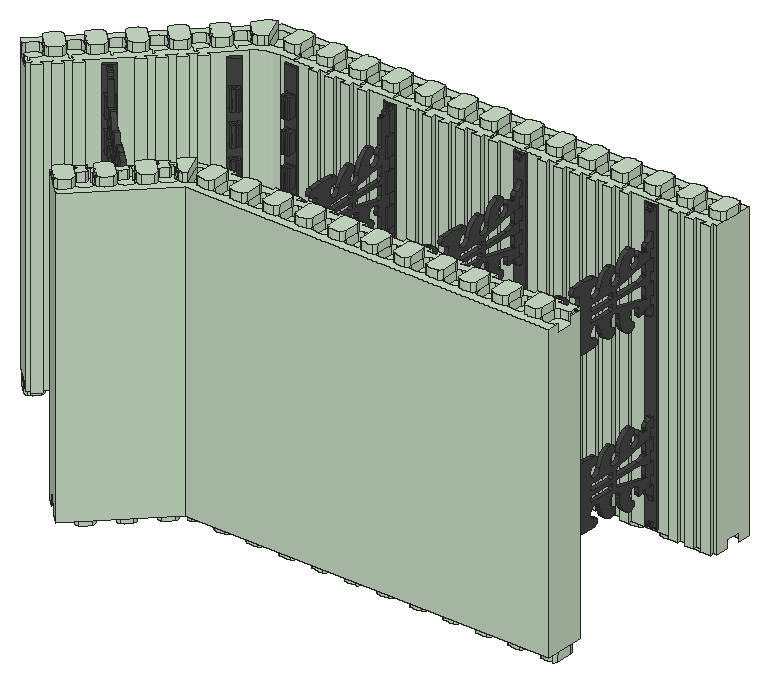
Revit family "ICF- NUDURA 10-inch- 45 Degree Form Unit- Imperial", category Generic Models, Revit 2010 (continued)
Forms (in)
  Extrusion 47, void
    sketch origin (15.17157, -1.98846, 0) x (-0.707107, -0.707107, 0) y (0.707107, -0.707107, 0)
      loop
        arc (-1.99833, 7.23335) -> (-1.97244, 7.18765) -> (-1.99053, 7.13835) r 0.0625
        line (-1.99053, 7.13835) -> (-2.14723, 6.98165) -> (-2.02643, 6.86086) -> (-1.78171, 7.10558)
        arc (-1.78171, 7.10558) -> (-1.76253, 7.11866) -> (-1.7399, 7.12384) r 0.0625
        arc (-1.7399, 7.12384) -> (-1.64938, 7.14456) -> (-1.57267, 7.19688) r 0.25
        line (-1.57267, 7.19688) -> (-0.92131, 7.84824)
        arc (-0.92131, 7.84824) -> (-0.85114, 7.98608) -> (-0.87549, 8.13883) r 0.25
        arc (-0.87549, 8.13883) -> (-1.07021, 8.40645) -> (-1.33783, 8.60117) r 1.0625
    from 0 to 0.5
  Extrusion 48, void
    sketch origin (17.17157, -1.98846, 0) x (-0.707107, -0.707107, 0) y (0.707107, -0.707107, 0)
      loop
        arc (-1.33783, 8.60117) -> (-1.49058, 8.62552) -> (-1.62842, 8.55535) r 0.25
        line (-1.62842, 8.55535) -> (-2.27978, 7.90399)
        arc (-2.27978, 7.90399) -> (-2.34995, 7.76615) -> (-2.32559, 7.6134) r 0.25
        arc (-2.32559, 7.6134) -> (-2.18471, 7.40379) -> (-1.99833, 7.23335) r 1.0625
        arc (-1.99833, 7.23335) -> (-1.97244, 7.18765) -> (-1.99053, 7.13835) r 0.0625
        line (-1.99053, 7.13835) -> (-2.14723, 6.98165) -> (-2.02643, 6.86086) -> (-1.78171, 7.10558)
        arc (-1.78171, 7.10558) -> (-1.76253, 7.11866) -> (-1.7399, 7.12384) r 0.0625
        arc (-1.7399, 7.12384) -> (-1.64938, 7.14456) -> (-1.57267, 7.19688) r 0.25
        line (-1.57267, 7.19688) -> (-0.92131, 7.84824)
        arc (-0.92131, 7.84824) -> (-0.85114, 7.98608) -> (-0.87549, 8.13883) r 0.25
        arc (-0.87549, 8.13883) -> (-1.07021, 8.40645) -> (-1.33783, 8.60117) r 1.0625
    from 0 to 0.5
  Extrusion 49, void
    sketch origin (29.57359, 2, 0) x (0.707107, 0.707107, 0) y (-0.707107, 0.707107, 0)
      loop
        arc (-1.33783, 8.60117) -> (-1.49058, 8.62552) -> (-1.62842, 8.55535) r 0.25
        line (-1.62842, 8.55535) -> (-2.27978, 7.90399)
        arc (-2.27978, 7.90399) -> (-2.34995, 7.76615) -> (-2.32559, 7.6134) r 0.25
        arc (-2.32559, 7.6134) -> (-2.18471, 7.40379) -> (-1.99833, 7.23335) r 1.0625
        arc (-1.99833, 7.23335) -> (-1.97244, 7.18765) -> (-1.99053, 7.13835) r 0.0625
        line (-1.99053, 7.13835) -> (-2.14723, 6.98165) -> (-2.02643, 6.86086) -> (-1.78171, 7.10558)
        arc (-1.78171, 7.10558) -> (-1.76253, 7.11866) -> (-1.7399, 7.12384) r 0.0625
        arc (-1.7399, 7.12384) -> (-1.64938, 7.14456) -> (-1.57267, 7.19688) r 0.25
        line (-1.57267, 7.19688) -> (-0.92131, 7.84824)
        arc (-0.92131, 7.84824) -> (-0.85114, 7.98608) -> (-0.87549, 8.13883) r 0.25
        arc (-0.87549, 8.13883) -> (-1.07021, 8.40645) -> (-1.33783, 8.60117) r 1.0625
    from 0 to 0.5
  Extrusion 50, void
    sketch origin (27.57359, 2, 0) x (0.707107, 0.707107, 0) y (-0.707107, 0.707107, 0)
      loop
        arc (-1.33783, 8.60117) -> (-1.49058, 8.62552) -> (-1.62842, 8.55535) r 0.25
        line (-1.62842, 8.55535) -> (-2.27978, 7.90399)
        arc (-2.27978, 7.90399) -> (-2.34995, 7.76615) -> (-2.32559, 7.6134) r 0.25
        arc (-2.32559, 7.6134) -> (-2.18471, 7.40379) -> (-1.99833, 7.23335) r 1.0625
        arc (-1.99833, 7.23335) -> (-1.97244, 7.18765) -> (-1.99053, 7.13835) r 0.0625
        line (-1.99053, 7.13835) -> (-2.14723, 6.98165) -> (-2.02643, 6.86086) -> (-1.78171, 7.10558)
        arc (-1.78171, 7.10558) -> (-1.76253, 7.11866) -> (-1.7399, 7.12384) r 0.0625
        arc (-1.7399, 7.12384) -> (-1.64938, 7.14456) -> (-1.57267, 7.19688) r 0.25
        line (-1.57267, 7.19688) -> (-0.92131, 7.84824)
        arc (-0.92131, 7.84824) -> (-0.85114, 7.98608) -> (-0.87549, 8.13883) r 0.25
        arc (-0.87549, 8.13883) -> (-1.07021, 8.40645) -> (-1.33783, 8.60117) r 1.0625
    from 0 to 0.5
  Extrusion 51, void
    sketch origin (25.57359, 2, 0) x (0.707107, 0.707107, 0) y (-0.707107, 0.707107, 0)
      loop
        arc (-1.33783, 8.60117) -> (-1.49058, 8.62552) -> (-1.62842, 8.55535) r 0.25
        line (-1.62842, 8.55535) -> (-2.27978, 7.90399)
        arc (-2.27978, 7.90399) -> (-2.34995, 7.76615) -> (-2.32559, 7.6134) r 0.25
        arc (-2.32559, 7.6134) -> (-2.18471, 7.40379) -> (-1.99833, 7.23335) r 1.0625
        arc (-1.99833, 7.23335) -> (-1.97244, 7.18765) -> (-1.99053, 7.13835) r 0.0625
        line (-1.99053, 7.13835) -> (-2.14723, 6.98165) -> (-2.02643, 6.86086) -> (-1.78171, 7.10558)
        arc (-1.78171, 7.10558) -> (-1.76253, 7.11866) -> (-1.7399, 7.12384) r 0.0625
        arc (-1.7399, 7.12384) -> (-1.64938, 7.14456) -> (-1.57267, 7.19688) r 0.25
        line (-1.57267, 7.19688) -> (-0.92131, 7.84824)
        arc (-0.92131, 7.84824) -> (-0.85114, 7.98608) -> (-0.87549, 8.13883) r 0.25
        arc (-0.87549, 8.13883) -> (-1.07021, 8.40645) -> (-1.33783, 8.60117) r 1.0625
    from 0 to 0.5
  Extrusion 52, void
    sketch origin (23.57359, 2, 0) x (0.707107, 0.707107, 0) y (-0.707107, 0.707107, 0)
      loop
        arc (-1.33783, 8.60117) -> (-1.49058, 8.62552) -> (-1.62842, 8.55535) r 0.25
        line (-1.62842, 8.55535) -> (-2.27978, 7.90399)
        arc (-2.27978, 7.90399) -> (-2.34995, 7.76615) -> (-2.32559, 7.6134) r 0.25
        arc (-2.32559, 7.6134) -> (-2.18471, 7.40379) -> (-1.99833, 7.23335) r 1.0625
        arc (-1.99833, 7.23335) -> (-1.97244, 7.18765) -> (-1.99053, 7.13835) r 0.0625
        line (-1.99053, 7.13835) -> (-2.14723, 6.98165) -> (-2.02643, 6.86086) -> (-1.78171, 7.10558)
        arc (-1.78171, 7.10558) -> (-1.76253, 7.11866) -> (-1.7399, 7.12384) r 0.0625
        arc (-1.7399, 7.12384) -> (-1.64938, 7.14456) -> (-1.57267, 7.19688) r 0.25
        line (-1.57267, 7.19688) -> (-0.92131, 7.84824)
        arc (-0.92131, 7.84824) -> (-0.85114, 7.98608) -> (-0.87549, 8.13883) r 0.25
        arc (-0.87549, 8.13883) -> (-1.07021, 8.40645) -> (-1.33783, 8.60117) r 1.0625
    from 0 to 0.5
  Extrusion 53, void
    sketch origin (21.57359, 2, 0) x (0.707107, 0.707107, 0) y (-0.707107, 0.707107, 0)
      loop
        arc (-1.33783, 8.60117) -> (-1.49058, 8.62552) -> (-1.62842, 8.55535) r 0.25
        line (-1.62842, 8.55535) -> (-2.27978, 7.90399)
        arc (-2.27978, 7.90399) -> (-2.34995, 7.76615) -> (-2.32559, 7.6134) r 0.25
        arc (-2.32559, 7.6134) -> (-2.18471, 7.40379) -> (-1.99833, 7.23335) r 1.0625
        arc (-1.99833, 7.23335) -> (-1.97244, 7.18765) -> (-1.99053, 7.13835) r 0.0625
        line (-1.99053, 7.13835) -> (-2.14723, 6.98165) -> (-2.02643, 6.86086) -> (-1.78171, 7.10558)
        arc (-1.78171, 7.10558) -> (-1.76253, 7.11866) -> (-1.7399, 7.12384) r 0.0625
        arc (-1.7399, 7.12384) -> (-1.64938, 7.14456) -> (-1.57267, 7.19688) r 0.25
        line (-1.57267, 7.19688) -> (-0.92131, 7.84824)
        arc (-0.92131, 7.84824) -> (-0.85114, 7.98608) -> (-0.87549, 8.13883) r 0.25
        arc (-0.87549, 8.13883) -> (-1.07021, 8.40645) -> (-1.33783, 8.60117) r 1.0625
    from 0 to 0.5
  Extrusion 54, void
    sketch origin (19.57359, 2, 0) x (0.707107, 0.707107, 0) y (-0.707107, 0.707107, 0)
      loop
        arc (-1.33783, 8.60117) -> (-1.49058, 8.62552) -> (-1.62842, 8.55535) r 0.25
        line (-1.62842, 8.55535) -> (-2.27978, 7.90399)
        arc (-2.27978, 7.90399) -> (-2.34995, 7.76615) -> (-2.32559, 7.6134) r 0.25
        arc (-2.32559, 7.6134) -> (-2.18471, 7.40379) -> (-1.99833, 7.23335) r 1.0625
        arc (-1.99833, 7.23335) -> (-1.97244, 7.18765) -> (-1.99053, 7.13835) r 0.0625
        line (-1.99053, 7.13835) -> (-2.14723, 6.98165) -> (-2.02643, 6.86086) -> (-1.78171, 7.10558)
        arc (-1.78171, 7.10558) -> (-1.76253, 7.11866) -> (-1.7399, 7.12384) r 0.0625
        arc (-1.7399, 7.12384) -> (-1.64938, 7.14456) -> (-1.57267, 7.19688) r 0.25
        line (-1.57267, 7.19688) -> (-0.92131, 7.84824)
        arc (-0.92131, 7.84824) -> (-0.85114, 7.98608) -> (-0.87549, 8.13883) r 0.25
        arc (-0.87549, 8.13883) -> (-1.07021, 8.40645) -> (-1.33783, 8.60117) r 1.0625
    from 0 to 0.5
  Extrusion 55, void
    sketch origin (17.57359, 2, 0) x (0.707107, 0.707107, 0) y (-0.707107, 0.707107, 0)
      loop
        arc (-1.33783, 8.60117) -> (-1.49058, 8.62552) -> (-1.62842, 8.55535) r 0.25
        line (-1.62842, 8.55535) -> (-2.27978, 7.90399)
        arc (-2.27978, 7.90399) -> (-2.34995, 7.76615) -> (-2.32559, 7.6134) r 0.25
        arc (-2.32559, 7.6134) -> (-2.18471, 7.40379) -> (-1.99833, 7.23335) r 1.0625
        arc (-1.99833, 7.23335) -> (-1.97244, 7.18765) -> (-1.99053, 7.13835) r 0.0625
        line (-1.99053, 7.13835) -> (-2.14723, 6.98165) -> (-2.02643, 6.86086) -> (-1.78171, 7.10558)
        arc (-1.78171, 7.10558) -> (-1.76253, 7.11866) -> (-1.7399, 7.12384) r 0.0625
        arc (-1.7399, 7.12384) -> (-1.64938, 7.14456) -> (-1.57267, 7.19688) r 0.25
        line (-1.57267, 7.19688) -> (-0.92131, 7.84824)
        arc (-0.92131, 7.84824) -> (-0.85114, 7.98608) -> (-0.87549, 8.13883) r 0.25
        arc (-0.87549, 8.13883) -> (-1.07021, 8.40645) -> (-1.33783, 8.60117) r 1.0625
    from 0 to 0.5
  Extrusion 56, void
    sketch origin (15.57359, 2, 0) x (0.707107, 0.707107, 0) y (-0.707107, 0.707107, 0)
      loop
        arc (-1.33783, 8.60117) -> (-1.49058, 8.62552) -> (-1.62842, 8.55535) r 0.25
        line (-1.62842, 8.55535) -> (-2.27978, 7.90399)
        arc (-2.27978, 7.90399) -> (-2.34995, 7.76615) -> (-2.32559, 7.6134) r 0.25
        arc (-2.32559, 7.6134) -> (-2.18471, 7.40379) -> (-1.99833, 7.23335) r 1.0625
        arc (-1.99833, 7.23335) -> (-1.97244, 7.18765) -> (-1.99053, 7.13835) r 0.0625
        line (-1.99053, 7.13835) -> (-2.14723, 6.98165) -> (-2.02643, 6.86086) -> (-1.78171, 7.10558)
        arc (-1.78171, 7.10558) -> (-1.76253, 7.11866) -> (-1.7399, 7.12384) r 0.0625
        arc (-1.7399, 7.12384) -> (-1.64938, 7.14456) -> (-1.57267, 7.19688) r 0.25
        line (-1.57267, 7.19688) -> (-0.92131, 7.84824)
        arc (-0.92131, 7.84824) -> (-0.85114, 7.98608) -> (-0.87549, 8.13883) r 0.25
        arc (-0.87549, 8.13883) -> (-1.07021, 8.40645) -> (-1.33783, 8.60117) r 1.0625
    from 0 to 0.5
  Extrusion 57, void
    sketch origin (13.57359, 2, 0) x (0.707107, 0.707107, 0) y (-0.707107, 0.707107, 0)
      loop
        arc (-1.33783, 8.60117) -> (-1.49058, 8.62552) -> (-1.62842, 8.55535) r 0.25
        line (-1.62842, 8.55535) -> (-2.27978, 7.90399)
        arc (-2.27978, 7.90399) -> (-2.34995, 7.76615) -> (-2.32559, 7.6134) r 0.25
        arc (-2.32559, 7.6134) -> (-2.18471, 7.40379) -> (-1.99833, 7.23335) r 1.0625
        arc (-1.99833, 7.23335) -> (-1.97244, 7.18765) -> (-1.99053, 7.13835) r 0.0625
        line (-1.99053, 7.13835) -> (-2.14723, 6.98165) -> (-2.02643, 6.86086) -> (-1.78171, 7.10558)
        arc (-1.78171, 7.10558) -> (-1.76253, 7.11866) -> (-1.7399, 7.12384) r 0.0625
        arc (-1.7399, 7.12384) -> (-1.64938, 7.14456) -> (-1.57267, 7.19688) r 0.25
        line (-1.57267, 7.19688) -> (-0.92131, 7.84824)
        arc (-0.92131, 7.84824) -> (-0.85114, 7.98608) -> (-0.87549, 8.13883) r 0.25
        arc (-0.87549, 8.13883) -> (-1.07021, 8.40645) -> (-1.33783, 8.60117) r 1.0625
    from 0 to 0.5
  Extrusion 58, void
    sketch origin (11.57359, 2, 0) x (0.707107, 0.707107, 0) y (-0.707107, 0.707107, 0)
      loop
        arc (-1.33783, 8.60117) -> (-1.49058, 8.62552) -> (-1.62842, 8.55535) r 0.25
        line (-1.62842, 8.55535) -> (-2.27978, 7.90399)
        arc (-2.27978, 7.90399) -> (-2.34995, 7.76615) -> (-2.32559, 7.6134) r 0.25
        arc (-2.32559, 7.6134) -> (-2.18471, 7.40379) -> (-1.99833, 7.23335) r 1.0625
        arc (-1.99833, 7.23335) -> (-1.97244, 7.18765) -> (-1.99053, 7.13835) r 0.0625
        line (-1.99053, 7.13835) -> (-2.14723, 6.98165) -> (-2.02643, 6.86086) -> (-1.78171, 7.10558)
        arc (-1.78171, 7.10558) -> (-1.76253, 7.11866) -> (-1.7399, 7.12384) r 0.0625
        arc (-1.7399, 7.12384) -> (-1.64938, 7.14456) -> (-1.57267, 7.19688) r 0.25
        line (-1.57267, 7.19688) -> (-0.92131, 7.84824)
        arc (-0.92131, 7.84824) -> (-0.85114, 7.98608) -> (-0.87549, 8.13883) r 0.25
        arc (-0.87549, 8.13883) -> (-1.07021, 8.40645) -> (-1.33783, 8.60117) r 1.0625
    from 0 to 0.5
  Extrusion 59, void
    sketch origin (9.57359, 2, 0) x (0.707107, 0.707107, 0) y (-0.707107, 0.707107, 0)
      loop
        arc (-1.33783, 8.60117) -> (-1.49058, 8.62552) -> (-1.62842, 8.55535) r 0.25
        line (-1.62842, 8.55535) -> (-2.27978, 7.90399)
        arc (-2.27978, 7.90399) -> (-2.34995, 7.76615) -> (-2.32559, 7.6134) r 0.25
        arc (-2.32559, 7.6134) -> (-2.18471, 7.40379) -> (-1.99833, 7.23335) r 1.0625
        arc (-1.99833, 7.23335) -> (-1.97244, 7.18765) -> (-1.99053, 7.13835) r 0.0625
        line (-1.99053, 7.13835) -> (-2.14723, 6.98165) -> (-2.02643, 6.86086) -> (-1.78171, 7.10558)
        arc (-1.78171, 7.10558) -> (-1.76253, 7.11866) -> (-1.7399, 7.12384) r 0.0625
        arc (-1.7399, 7.12384) -> (-1.64938, 7.14456) -> (-1.57267, 7.19688) r 0.25
        line (-1.57267, 7.19688) -> (-0.92131, 7.84824)
        arc (-0.92131, 7.84824) -> (-0.85114, 7.98608) -> (-0.87549, 8.13883) r 0.25
        arc (-0.87549, 8.13883) -> (-1.07021, 8.40645) -> (-1.33783, 8.60117) r 1.0625
    from 0 to 0.5
  Extrusion 60, void
    sketch origin (7.57359, 2, 0) x (0.707107, 0.707107, 0) y (-0.707107, 0.707107, 0)
      loop
        arc (-1.33783, 8.60117) -> (-1.49058, 8.62552) -> (-1.62842, 8.55535) r 0.25
        line (-1.62842, 8.55535) -> (-2.27978, 7.90399)
        arc (-2.27978, 7.90399) -> (-2.34995, 7.76615) -> (-2.32559, 7.6134) r 0.25
        arc (-2.32559, 7.6134) -> (-2.18471, 7.40379) -> (-1.99833, 7.23335) r 1.0625
        arc (-1.99833, 7.23335) -> (-1.97244, 7.18765) -> (-1.99053, 7.13835) r 0.0625
        line (-1.99053, 7.13835) -> (-2.14723, 6.98165) -> (-2.02643, 6.86086) -> (-1.78171, 7.10558)
        arc (-1.78171, 7.10558) -> (-1.76253, 7.11866) -> (-1.7399, 7.12384) r 0.0625
        arc (-1.7399, 7.12384) -> (-1.64938, 7.14456) -> (-1.57267, 7.19688) r 0.25
        line (-1.57267, 7.19688) -> (-0.92131, 7.84824)
        arc (-0.92131, 7.84824) -> (-0.85114, 7.98608) -> (-0.87549, 8.13883) r 0.25
        arc (-0.87549, 8.13883) -> (-1.07021, 8.40645) -> (-1.33783, 8.60117) r 1.0625
    from 0 to 0.5
  Extrusion 61, void
    sketch origin (5.57359, 2, 0) x (0.707107, 0.707107, 0) y (-0.707107, 0.707107, 0)
      loop
        arc (-1.33783, 8.60117) -> (-1.49058, 8.62552) -> (-1.62842, 8.55535) r 0.25
        line (-1.62842, 8.55535) -> (-2.27978, 7.90399)
        arc (-2.27978, 7.90399) -> (-2.34995, 7.76615) -> (-2.32559, 7.6134) r 0.25
        arc (-2.32559, 7.6134) -> (-2.18471, 7.40379) -> (-1.99833, 7.23335) r 1.0625
        arc (-1.99833, 7.23335) -> (-1.97244, 7.18765) -> (-1.99053, 7.13835) r 0.0625
        line (-1.99053, 7.13835) -> (-2.14723, 6.98165) -> (-2.02643, 6.86086) -> (-1.78171, 7.10558)
        arc (-1.78171, 7.10558) -> (-1.76253, 7.11866) -> (-1.7399, 7.12384) r 0.0625
        arc (-1.7399, 7.12384) -> (-1.64938, 7.14456) -> (-1.57267, 7.19688) r 0.25
        line (-1.57267, 7.19688) -> (-0.92131, 7.84824)
        arc (-0.92131, 7.84824) -> (-0.85114, 7.98608) -> (-0.87549, 8.13883) r 0.25
        arc (-0.87549, 8.13883) -> (-1.07021, 8.40645) -> (-1.33783, 8.60117) r 1.0625
    from 0 to 0.5
  Extrusion 62, void
    sketch origin (3.41421, 6.24264, 0) x (0, 1, 0) y (-1, 0, 0)
      loop
        arc (-1.33783, 8.60117) -> (-1.49058, 8.62552) -> (-1.62842, 8.55535) r 0.25
        line (-1.62842, 8.55535) -> (-2.27978, 7.90399)
        arc (-2.27978, 7.90399) -> (-2.34995, 7.76615) -> (-2.32559, 7.6134) r 0.25
        arc (-2.32559, 7.6134) -> (-2.18471, 7.40379) -> (-1.99833, 7.23335) r 1.0625
        arc (-1.99833, 7.23335) -> (-1.97244, 7.18765) -> (-1.99053, 7.13835) r 0.0625
        line (-1.99053, 7.13835) -> (-2.14723, 6.98165) -> (-2.02643, 6.86086) -> (-1.78171, 7.10558)
        arc (-1.78171, 7.10558) -> (-1.76253, 7.11866) -> (-1.7399, 7.12384) r 0.0625
        arc (-1.7399, 7.12384) -> (-1.64938, 7.14456) -> (-1.57267, 7.19688) r 0.25
        line (-1.57267, 7.19688) -> (-0.92131, 7.84824)
        arc (-0.92131, 7.84824) -> (-0.85114, 7.98608) -> (-0.87549, 8.13883) r 0.25
        arc (-0.87549, 8.13883) -> (-1.07021, 8.40645) -> (-1.33783, 8.60117) r 1.0625
    from 0 to 0.5
  Extrusion 63, void
    sketch origin (2, 4.82843, 0) x (0, 1, 0) y (-1, 0, 0)
      loop
        arc (-1.33783, 8.60117) -> (-1.49058, 8.62552) -> (-1.62842, 8.55535) r 0.25
        line (-1.62842, 8.55535) -> (-2.27978, 7.90399)
        arc (-2.27978, 7.90399) -> (-2.34995, 7.76615) -> (-2.32559, 7.6134) r 0.25
        arc (-2.32559, 7.6134) -> (-2.18471, 7.40379) -> (-1.99833, 7.23335) r 1.0625
        arc (-1.99833, 7.23335) -> (-1.97244, 7.18765) -> (-1.99053, 7.13835) r 0.0625
        line (-1.99053, 7.13835) -> (-2.14723, 6.98165) -> (-2.02643, 6.86086) -> (-1.78171, 7.10558)
        arc (-1.78171, 7.10558) -> (-1.76253, 7.11866) -> (-1.7399, 7.12384) r 0.0625
        arc (-1.7399, 7.12384) -> (-1.64938, 7.14456) -> (-1.57267, 7.19688) r 0.25
        line (-1.57267, 7.19688) -> (-0.92131, 7.84824)
        arc (-0.92131, 7.84824) -> (-0.85114, 7.98608) -> (-0.87549, 8.13883) r 0.25
        arc (-0.87549, 8.13883) -> (-1.07021, 8.40645) -> (-1.33783, 8.60117) r 1.0625
    from 0 to 0.5
  Extrusion 64, void
    sketch origin (0.58579, 3.41421, 0) x (0, 1, 0) y (-1, 0, 0)
      loop
        arc (-1.33783, 8.60117) -> (-1.49058, 8.62552) -> (-1.62842, 8.55535) r 0.25
        line (-1.62842, 8.55535) -> (-2.27978, 7.90399)
        arc (-2.27978, 7.90399) -> (-2.34995, 7.76615) -> (-2.32559, 7.6134) r 0.25
        arc (-2.32559, 7.6134) -> (-2.18471, 7.40379) -> (-1.99833, 7.23335) r 1.0625
        arc (-1.99833, 7.23335) -> (-1.97244, 7.18765) -> (-1.99053, 7.13835) r 0.0625
        line (-1.99053, 7.13835) -> (-2.14723, 6.98165) -> (-2.02643, 6.86086) -> (-1.78171, 7.10558)
        arc (-1.78171, 7.10558) -> (-1.76253, 7.11866) -> (-1.7399, 7.12384) r 0.0625
        arc (-1.7399, 7.12384) -> (-1.64938, 7.14456) -> (-1.57267, 7.19688) r 0.25
        line (-1.57267, 7.19688) -> (-0.92131, 7.84824)
        arc (-0.92131, 7.84824) -> (-0.85114, 7.98608) -> (-0.87549, 8.13883) r 0.25
        arc (-0.87549, 8.13883) -> (-1.07021, 8.40645) -> (-1.33783, 8.60117) r 1.0625
    from 0 to 0.5
  Extrusion 65, void
    sketch origin (-0.82843, 2, 0) x (0, 1, 0) y (-1, 0, 0)
      loop
        arc (-1.33783, 8.60117) -> (-1.49058, 8.62552) -> (-1.62842, 8.55535) r 0.25
        line (-1.62842, 8.55535) -> (-2.27978, 7.90399)
        arc (-2.27978, 7.90399) -> (-2.34995, 7.76615) -> (-2.32559, 7.6134) r 0.25
        arc (-2.32559, 7.6134) -> (-2.18471, 7.40379) -> (-1.99833, 7.23335) r 1.0625
        arc (-1.99833, 7.23335) -> (-1.97244, 7.18765) -> (-1.99053, 7.13835) r 0.0625
        line (-1.99053, 7.13835) -> (-2.14723, 6.98165) -> (-2.02643, 6.86086) -> (-1.78171, 7.10558)
        arc (-1.78171, 7.10558) -> (-1.76253, 7.11866) -> (-1.7399, 7.12384) r 0.0625
        arc (-1.7399, 7.12384) -> (-1.64938, 7.14456) -> (-1.57267, 7.19688) r 0.25
        line (-1.57267, 7.19688) -> (-0.92131, 7.84824)
        arc (-0.92131, 7.84824) -> (-0.85114, 7.98608) -> (-0.87549, 8.13883) r 0.25
        arc (-0.87549, 8.13883) -> (-1.07021, 8.40645) -> (-1.33783, 8.60117) r 1.0625
    from 0 to 0.5
  Extrusion 66, void
    sketch origin (17.17157, 2, 0) x (-0.707107, 0.707107, 0) y (-0.707107, -0.707107, 0)
      loop
        arc (-1.33783, -8.60117) -> (-1.07021, -8.40645) -> (-0.87549, -8.13883) r 1.0625
        arc (-0.87549, -8.13883) -> (-0.85114, -7.98608) -> (-0.92131, -7.84824) r 0.25
        line (-0.92131, -7.84824) -> (-1.57267, -7.19688)
        arc (-1.57267, -7.19688) -> (-1.64938, -7.14456) -> (-1.7399, -7.12384) r 0.25
        arc (-1.7399, -7.12384) -> (-1.76253, -7.11866) -> (-1.78171, -7.10558) r 0.0625
        line (-1.78171, -7.10558) -> (-2.02643, -6.86086) -> (-2.14723, -6.98165) -> (-1.99053, -7.13835)
        arc (-1.99053, -7.13835) -> (-1.97244, -7.18765) -> (-1.99833, -7.23335) r 0.0625
        arc (-1.99833, -7.23335) -> (-2.18471, -7.40379) -> (-2.32559, -7.6134) r 1.0625
        arc (-2.32559, -7.6134) -> (-2.34995, -7.76615) -> (-2.27978, -7.90399) r 0.25
        line (-2.27978, -7.90399) -> (-1.62842, -8.55535)
        arc (-1.62842, -8.55535) -> (-1.49058, -8.62552) -> (-1.33783, -8.60117) r 0.25
    from 18 to 17.5
  Extrusion 67, void
    sketch origin (31.57359, 2, 0) x (0.707107, 0.707107, 0) y (-0.707107, 0.707107, 0)
      loop
        arc (-1.33783, 8.60117) -> (-1.49058, 8.62552) -> (-1.62842, 8.55535) r 0.25
        line (-1.62842, 8.55535) -> (-2.27978, 7.90399)
        arc (-2.27978, 7.90399) -> (-2.34995, 7.76615) -> (-2.32559, 7.6134) r 0.25
        arc (-2.32559, 7.6134) -> (-2.18471, 7.40379) -> (-1.99833, 7.23335) r 1.0625
        arc (-1.99833, 7.23335) -> (-1.97244, 7.18765) -> (-1.99053, 7.13835) r 0.0625
        line (-1.99053, 7.13835) -> (-2.14723, 6.98165) -> (-2.02643, 6.86086) -> (-1.78171, 7.10558)
        arc (-1.78171, 7.10558) -> (-1.76253, 7.11866) -> (-1.7399, 7.12384) r 0.0625
        arc (-1.7399, 7.12384) -> (-1.64938, 7.14456) -> (-1.57267, 7.19688) r 0.25
        line (-1.57267, 7.19688) -> (-0.92131, 7.84824)
        arc (-0.92131, 7.84824) -> (-0.85114, 7.98608) -> (-0.87549, 8.13883) r 0.25
        arc (-0.87549, 8.13883) -> (-1.07021, 8.40645) -> (-1.33783, 8.60117) r 1.0625
    from 0 to 0.5
  Extrusion 68, void
    sketch origin (-12.42641, -9.59798, 0) x (-1, 0, 0) y (0, -1, 0)
      loop
        arc (-1.33783, -8.60117) -> (-1.07021, -8.40645) -> (-0.87549, -8.13883) r 1.0625
        arc (-0.87549, -8.13883) -> (-0.85114, -7.98608) -> (-0.92131, -7.84824) r 0.25
        line (-0.92131, -7.84824) -> (-1.57267, -7.19688)
        arc (-1.57267, -7.19688) -> (-1.64938, -7.14456) -> (-1.7399, -7.12384) r 0.25
        arc (-1.7399, -7.12384) -> (-1.76253, -7.11866) -> (-1.78171, -7.10558) r 0.0625
        line (-1.78171, -7.10558) -> (-2.02643, -6.86086) -> (-2.14723, -6.98165) -> (-1.99053, -7.13835)
        arc (-1.99053, -7.13835) -> (-1.97244, -7.18765) -> (-1.99833, -7.23335) r 0.0625
        arc (-1.99833, -7.23335) -> (-2.18471, -7.40379) -> (-2.32559, -7.6134) r 1.0625
        arc (-2.32559, -7.6134) -> (-2.34995, -7.76615) -> (-2.27978, -7.90399) r 0.25
        line (-2.27978, -7.90399) -> (-1.62842, -8.55535)
        arc (-1.62842, -8.55535) -> (-1.49058, -8.62552) -> (-1.33783, -8.60117) r 0.25
    from 18 to 17.5
  Extrusion 69, void
    sketch origin (-2.24264, 0.58579, 0) x (0, 1, 0) y (-1, 0, 0)
      loop
        arc (-1.33783, 8.60117) -> (-1.49058, 8.62552) -> (-1.62842, 8.55535) r 0.25
        line (-1.62842, 8.55535) -> (-2.27978, 7.90399)
        arc (-2.27978, 7.90399) -> (-2.34995, 7.76615) -> (-2.32559, 7.6134) r 0.25
        arc (-2.32559, 7.6134) -> (-2.18471, 7.40379) -> (-1.99833, 7.23335) r 1.0625
        arc (-1.99833, 7.23335) -> (-1.97244, 7.18765) -> (-1.99053, 7.13835) r 0.0625
        line (-1.99053, 7.13835) -> (-2.14723, 6.98165) -> (-2.02643, 6.86086) -> (-1.78171, 7.10558)
        arc (-1.78171, 7.10558) -> (-1.76253, 7.11866) -> (-1.7399, 7.12384) r 0.0625
        arc (-1.7399, 7.12384) -> (-1.64938, 7.14456) -> (-1.57267, 7.19688) r 0.25
        line (-1.57267, 7.19688) -> (-0.92131, 7.84824)
        arc (-0.92131, 7.84824) -> (-0.85114, 7.98608) -> (-0.87549, 8.13883) r 0.25
        arc (-0.87549, 8.13883) -> (-1.07021, 8.40645) -> (-1.33783, 8.60117) r 1.0625
    from 0 to 0.5
  Extrusion 70, void
    sketch origin (3.40605, 0.59395, 0) x (1, 0, 0) y (0, 1, 0)
      loop
        arc (-1.33783, -8.60117) -> (-1.07021, -8.40645) -> (-0.87549, -8.13883) r 1.0625
        arc (-0.87549, -8.13883) -> (-0.85114, -7.98608) -> (-0.92131, -7.84824) r 0.25
        line (-0.92131, -7.84824) -> (-1.57267, -7.19688)
        arc (-1.57267, -7.19688) -> (-1.64938, -7.14456) -> (-1.7399, -7.12384) r 0.25
        arc (-1.7399, -7.12384) -> (-1.76253, -7.11866) -> (-1.78171, -7.10558) r 0.0625
        line (-1.78171, -7.10558) -> (-2.02643, -6.86086) -> (-2.14723, -6.98165) -> (-1.99053, -7.13835)
        arc (-1.99053, -7.13835) -> (-1.97244, -7.18765) -> (-1.99833, -7.23335) r 0.0625
        arc (-1.99833, -7.23335) -> (-2.18471, -7.40379) -> (-2.32559, -7.6134) r 1.0625
        arc (-2.32559, -7.6134) -> (-2.34995, -7.76615) -> (-2.27978, -7.90399) r 0.25
        line (-2.27978, -7.90399) -> (-1.62842, -8.55535)
        arc (-1.62842, -8.55535) -> (-1.49058, -8.62552) -> (-1.33783, -8.60117) r 0.25
    from 18 to 17.5
  Extrusion 71, void
    sketch origin (-2.82843, -1.98846, 0) x (-0.707107, -0.707107, 0) y (0.707107, -0.707107, 0)
      loop
        arc (-1.33783, 8.60117) -> (-1.49058, 8.62552) -> (-1.62842, 8.55535) r 0.25
        line (-1.62842, 8.55535) -> (-2.27978, 7.90399)
        arc (-2.27978, 7.90399) -> (-2.34995, 7.76615) -> (-2.32559, 7.6134) r 0.25
        arc (-2.32559, 7.6134) -> (-2.18471, 7.40379) -> (-1.99833, 7.23335) r 1.0625
        arc (-1.99833, 7.23335) -> (-1.97244, 7.18765) -> (-1.99053, 7.13835) r 0.0625
        line (-1.99053, 7.13835) -> (-2.14723, 6.98165) -> (-2.02643, 6.86086) -> (-1.78171, 7.10558)
        arc (-1.78171, 7.10558) -> (-1.76253, 7.11866) -> (-1.7399, 7.12384) r 0.0625
        arc (-1.7399, 7.12384) -> (-1.64938, 7.14456) -> (-1.57267, 7.19688) r 0.25
        line (-1.57267, 7.19688) -> (-0.92131, 7.84824)
        arc (-0.92131, 7.84824) -> (-0.85114, 7.98608) -> (-0.87549, 8.13883) r 0.25
        arc (-0.87549, 8.13883) -> (-1.07021, 8.40645) -> (-1.33783, 8.60117) r 1.0625
    from 0 to 0.5
  Extrusion 72, solid, material "NUDURA Expanded Polystyrene Foam Insulation"
    sketch origin (-31.13223, 6.43815, 0) x (1, 0, 0) y (0, 1, 0)
      loop
        arc (33.62514, -13.68907) -> (33.76298, -13.75924) -> (33.91572, -13.73488) r 0.25
        arc (33.91572, -13.73488) -> (34.01493, -13.6772) -> (34.10734, -13.60915) r 1.0625
        line (34.10734, -13.60915) -> (33.53734, -12.23305)
        arc (33.53734, -12.23305) -> (33.20339, -12.43348) -> (32.94235, -12.72254) r 1.32185
        arc (32.94235, -12.72254) -> (32.90179, -12.88573) -> (32.97378, -13.03771) r 0.25
        line (32.97378, -13.03771) -> (33.62514, -13.68907)
    from 18 to 18.5
  Extrusion 73, solid, material "NUDURA Expanded Polystyrene Foam Insulation"
    sketch origin (17.46951, 26.56965, 0) x (-0.707107, -0.707107, 0) y (0.707107, -0.707107, 0)
      loop
        line (33.62514, 13.68907) -> (32.97378, 13.03771)
        arc (32.97378, 13.03771) -> (32.90179, 12.88573) -> (32.94235, 12.72254) r 0.25
        arc (32.94235, 12.72254) -> (33.20339, 12.43348) -> (33.53734, 12.23305) r 1.32185
        line (33.53734, 12.23305) -> (34.10734, 13.60915)
        arc (34.10734, 13.60915) -> (34.01493, 13.6772) -> (33.91572, 13.73488) r 1.0625
        arc (33.91572, 13.73488) -> (33.76298, 13.75924) -> (33.62514, 13.68907) r 0.25
    from 0 to -0.5
  Extrusion 74, void
    sketch origin (-31.13223, 6.43815, 0) x (1, 0, 0) y (0, 1, 0)
      loop
        arc (34.10734, -13.60915) -> (34.2208, -13.59193) -> (34.33174, -13.56256) r 1.0625
        arc (34.33174, -13.56256) -> (34.45697, -13.47178) -> (34.50482, -13.32469) r 0.25
        line (34.50482, -13.32469) -> (34.50482, -12.40353)
        arc (34.50482, -12.40353) -> (34.44826, -12.24516) -> (34.30418, -12.15845) r 0.25
        arc (34.30418, -12.15845) -> (33.9152, -12.13864) -> (33.53734, -12.23305) r 1.32185
        line (33.53734, -12.23305) -> (34.10734, -13.60915)
    from 18 to 17.5
  Extrusion 75, void
    sketch origin (17.46951, 26.56965, 0) x (-0.707107, -0.707107, 0) y (0.707107, -0.707107, 0)
      loop
        line (34.10734, 13.60915) -> (33.53734, 12.23305)
        arc (33.53734, 12.23305) -> (33.9152, 12.13864) -> (34.30418, 12.15845) r 1.32185
        arc (34.30418, 12.15845) -> (34.44826, 12.24516) -> (34.50482, 12.40353) r 0.25
        line (34.50482, 12.40353) -> (34.50482, 13.32469)
        arc (34.50482, 13.32469) -> (34.45697, 13.47178) -> (34.33174, 13.56256) r 0.25
        arc (34.33174, 13.56256) -> (34.2208, 13.59193) -> (34.10734, 13.60915) r 1.0625
    from 0 to 0.5
Cuts and joins
  Extrusion 4, Extrusion 5, Extrusion 6, Extrusion 7, Extrusion 8, Extrusion 9, Extrusion 10, Extrusion 11, Extrusion 12, Extrusion 13, Extrusion 14, Extrusion 15, Extrusion 16, Extrusion 17, Extrusion 18, Extrusion 19, Extrusion 20, Extrusion 21, Extrusion 22, Extrusion 23, Extrusion 24, Extrusion 25, Extrusion 26, Extrusion 27, Extrusion 28, Extrusion 29, Extrusion 30, Extrusion 31, Extrusion 32, Extrusion 33, Extrusion 34, Extrusion 35, Extrusion 36, Extrusion 37, Extrusion 38, Extrusion 39, Extrusion 40, Extrusion 41, Extrusion 42, Extrusion 43, Extrusion 44, Extrusion 45, Extrusion 46, Extrusion 47, Extrusion 48, Extrusion 49, Extrusion 50, Extrusion 51, Extrusion 52, Extrusion 53, Extrusion 54, Extrusion 55, Extrusion 56, Extrusion 57, Extrusion 58, Extrusion 59, Extrusion 60, Extrusion 61, Extrusion 62, Extrusion 63, Extrusion 64, Extrusion 65, Extrusion 66, Extrusion 67, Extrusion 68, Extrusion 69, Extrusion 70, Extrusion 71, Extrusion 74, Extrusion 75 cuts Extrusion 1
  Extrusion 33, Extrusion 34 cuts Extrusion 2
  Extrusion 35, Extrusion 61, Extrusion 62 cuts Extrusion 3
  Extrusion 74, Extrusion 75 cuts Extrusion 72
Lines and regions (in)
  model lines
    curve 1: line (9.37258, 7.625, 18) -> (9.37258, 7.625, 0)
Dimensions and locks (in)
  locked: plane 5 to plane 4 at 10
  locked: plane 8 to plane 6 at 10
  locked: level to plane 9 at 18
  aligned and locked: plane 9 to Extrusion 1
  aligned and locked: Extrusion 1 to plane 9  (x3)
  aligned and locked: Extrusion 1 to level
  aligned and locked: plane 2 to level
  aligned and locked: level to Extrusion 1  (x2)
  aligned and locked: nested 68 to cut or joined group 1 (Extrusion 1, Extrusion 4, Extrusion 5, Extrusion 6, Extrusion 7, Extrusion 8, Extrusion 9, Extrusion 10, Extrusion 11, Extrusion 12, Extrusion 13, Extrusion 14, Extrusion 15, Extrusion 16, Extrusion 17, Extrusion 18, Extrusion 19, Extrusion 20, Extrusion 21, Extrusion 22, Extrusion 23, Extrusion 24, Extrusion 25, Extrusion 26, Extrusion 27, Extrusion 28, Extrusion 29, Extrusion 30, Extrusion 31, Extrusion 32, Extrusion 33, Extrusion 34, Extrusion 35, Extrusion 36, Extrusion 37, Extrusion 38, Extrusion 39, Extrusion 40, Extrusion 41, Extrusion 42, Extrusion 43, Extrusion 44, Extrusion 45, Extrusion 46, Extrusion 47, Extrusion 48, Extrusion 49, Extrusion 50, Extrusion 51, Extrusion 52, Extrusion 53, Extrusion 54, Extrusion 55, Extrusion 56, Extrusion 57, Extrusion 58, Extrusion 59, Extrusion 60, Extrusion 61, Extrusion 62, Extrusion 63, Extrusion 64, Extrusion 65, Extrusion 66, Extrusion 67, Extrusion 68, Extrusion 69, Extrusion 70, Extrusion 71, Extrusion 74, Extrusion 75)
  aligned and locked: cut or joined group 1 to nested 69
  aligned and locked: nested 70 to cut or joined group 1
  aligned and locked: nested 64 to nested 68
  aligned and locked: nested 69 to nested 66
  aligned and locked: nested 67 to cut or joined group 1
  aligned: nested 62 to cut or joined group 1  (x2)
  aligned: nested 61 to cut or joined group 1  (x2)
  aligned: cut or joined group 1 to nested 65
  aligned and locked: nested 63 to cut or joined group 1
  aligned and locked: nested 63 to nested 68
  aligned and locked: cut or joined group 1 to nested 65
  aligned and locked: nested 67 to nested 82
  aligned and locked: cut or joined group 1 to nested 81
Nested families (in)
  nested 1: "Interlock Tooth" at (23.37258, -1.98846, 0), type "Interlock Tooth"
  nested 2: "Interlock Tooth" at (21.37258, -1.98846, 0), type "Interlock Tooth"
  nested 3: "Interlock Tooth" at (19.37258, -1.98846, 0), type "Interlock Tooth"
  nested 4: "Interlock Tooth" at (17.37258, -1.98846, 0), type "Interlock Tooth"
  nested 5: "Interlock Tooth" at (15.37258, -1.98846, 0), type "Interlock Tooth"
  nested 6: "Interlock Tooth" at (13.37258, -1.98846, 0), type "Interlock Tooth"
  nested 7: "Interlock Tooth" at (11.37258, -1.98846, 0), type "Interlock Tooth"
  nested 8: "Interlock Tooth" at (9.37258, -1.98846, 0), type "Interlock Tooth"
  nested 9: "Interlock Tooth" at (7.37258, -1.98846, 0), type "Interlock Tooth"
  nested 10: "Interlock Tooth" at (5.37258, -1.98846, 0), type "Interlock Tooth"
  nested 11: "Interlock Tooth" at (-2.39294, -5.20504, 0) x (0.7071, 0.7071, 0) z (0, 0, 1), type "Interlock Tooth"
  nested 12: "Interlock Tooth" at (-3.80715, -6.61926, 0) x (0.7071, 0.7071, 0) z (0, 0, 1), type "Interlock Tooth"
  nested 13: "Interlock Tooth" at (-5.22136, -8.03347, 0) x (0.7071, 0.7071, 0) z (0, 0, 1), type "Interlock Tooth"
  nested 14: "Interlock Tooth" at (22.37258, 2, 0), type "Interlock Tooth"
  nested 15: "Interlock Tooth" at (20.37258, 2, 0), type "Interlock Tooth"
  nested 16: "Interlock Tooth" at (18.37258, 2, 0), type "Interlock Tooth"
  nested 17: "Interlock Tooth" at (16.37258, 2, 0), type "Interlock Tooth"
  nested 18: "Interlock Tooth" at (14.37258, 2, 0), type "Interlock Tooth"
  nested 19: "Interlock Tooth" at (12.37258, 2, 0), type "Interlock Tooth"
  nested 20: "Interlock Tooth" at (10.37258, 2, 0), type "Interlock Tooth"
  nested 21: "Interlock Tooth" at (8.37258, 2, 0), type "Interlock Tooth"
  nested 22: "Interlock Tooth" at (6.37258, 2, 0), type "Interlock Tooth"
  nested 23: "Interlock Tooth" at (4.37258, 2, 0), type "Interlock Tooth"
  nested 24: "Interlock Tooth" at (2.37258, 2, 0), type "Interlock Tooth"
  nested 25: "Interlock Tooth" at (0.37258, 2, 0), type "Interlock Tooth"
  nested 26: "Interlock Tooth" at (-1.62742, 2, 0), type "Interlock Tooth"
  nested 27: "Interlock Tooth" at (-1.67767, 1.15076, 0) x (0.7071, 0.7071, 0) z (0, 0, 1), type "Interlock Tooth"
  nested 28: "Interlock Tooth" at (-3.09188, -0.26346, 0) x (0.7071, 0.7071, 0) z (0, 0, 1), type "Interlock Tooth"
  nested 29: "Interlock Tooth" at (-4.5061, -1.67767, 0) x (0.7071, 0.7071, 0) z (0, 0, 1), type "Interlock Tooth"
  nested 30: "Interlock Tooth" at (-5.92031, -3.09188, 0) x (0.7071, 0.7071, 0) z (0, 0, 1), type "Interlock Tooth"
  nested 31: "Interlock Tooth" at (-4.51426, -7.32636, -18.5) x (0.7071, 0.7071, 0) z (0, 0, 1), type "Interlock Tooth"
  nested 32: "Interlock Tooth" at (-3.10004, -5.91215, -18.5) x (0.7071, 0.7071, 0) z (0, 0, 1), type "Interlock Tooth"
  nested 33: "Interlock Tooth" at (-12.90299, 2.47658, -18.5) x (0.7071, 0.7071, 0) z (0, 0, 1), type "Interlock Tooth"
  nested 34: "Interlock Tooth" at (-11.48878, 3.8908, -18.5) x (0.7071, 0.7071, 0) z (0, 0, 1), type "Interlock Tooth"
  nested 35: "Interlock Tooth" at (-10.07456, 5.30501, -18.5) x (0.7071, 0.7071, 0) z (0, 0, 1), type "Interlock Tooth"
  nested 36: "Interlock Tooth" at (-8.66035, 6.71922, -18.5) x (0.7071, 0.7071, 0) z (0, 0, 1), type "Interlock Tooth"
  nested 37: "Interlock Tooth" at (-7.24614, 8.13344, -18.5) x (0.7071, 0.7071, 0) z (0, 0, 1), type "Interlock Tooth"
  nested 38: "Interlock Tooth" at (0.37258, 2, -18.5) x (-1, 0, 0) z (0, 0, 1), type "Interlock Tooth"
  nested 39: "Interlock Tooth" at (2.37258, 2, -18.5) x (-1, 0, 0) z (0, 0, 1), type "Interlock Tooth"
  nested 40: "Interlock Tooth" at (4.37258, 2, -18.5) x (-1, 0, 0) z (0, 0, 1), type "Interlock Tooth"
  nested 41: "Interlock Tooth" at (6.37258, 2, -18.5) x (-1, 0, 0) z (0, 0, 1), type "Interlock Tooth"
  nested 42: "Interlock Tooth" at (8.37258, 2, -18.5) x (-1, 0, 0) z (0, 0, 1), type "Interlock Tooth"
  nested 43: "Interlock Tooth" at (10.37258, 2, -18.5) x (-1, 0, 0) z (0, 0, 1), type "Interlock Tooth"
  nested 44: "Interlock Tooth" at (12.37258, 2, -18.5) x (-1, 0, 0) z (0, 0, 1), type "Interlock Tooth"
  nested 45: "Interlock Tooth" at (14.37258, 2, -18.5) x (-1, 0, 0) z (0, 0, 1), type "Interlock Tooth"
  nested 46: "Interlock Tooth" at (16.37258, 2, -18.5) x (-1, 0, 0) z (0, 0, 1), type "Interlock Tooth"
  nested 47: "Interlock Tooth" at (18.37258, 2, -18.5) x (-1, 0, 0) z (0, 0, 1), type "Interlock Tooth"
  nested 48: "Interlock Tooth" at (20.37258, 2, -18.5) x (-1, 0, 0) z (0, 0, 1), type "Interlock Tooth"
  nested 49: "Interlock Tooth" at (22.37258, 2, -18.5) x (-1, 0, 0) z (0, 0, 1), type "Interlock Tooth"
  nested 50: "Interlock Tooth" at (25.37258, -1.98846, -18.5) x (-1, 0, 0) z (0, 0, 1), type "Interlock Tooth"
  nested 51: "Interlock Tooth" at (23.37258, -1.98846, -18.5) x (-1, 0, 0) z (0, 0, 1), type "Interlock Tooth"
  nested 52: "Interlock Tooth" at (21.37258, -1.98846, -18.5) x (-1, 0, 0) z (0, 0, 1), type "Interlock Tooth"
  nested 53: "Interlock Tooth" at (19.37258, -1.98846, -18.5) x (-1, 0, 0) z (0, 0, 1), type "Interlock Tooth"
  nested 54: "Interlock Tooth" at (17.37258, -1.98846, -18.5) x (-1, 0, 0) z (0, 0, 1), type "Interlock Tooth"
  nested 55: "Interlock Tooth" at (15.37258, -1.98846, -18.5) x (-1, 0, 0) z (0, 0, 1), type "Interlock Tooth"
  nested 56: "Interlock Tooth" at (13.37258, -1.98846, -18.5) x (-1, 0, 0) z (0, 0, 1), type "Interlock Tooth"
  nested 57: "Interlock Tooth" at (11.37258, -1.98846, -18.5) x (-1, 0, 0) z (0, 0, 1), type "Interlock Tooth"
  nested 58: "Interlock Tooth" at (9.37258, -1.98846, -18.5) x (-1, 0, 0) z (0, 0, 1), type "Interlock Tooth"
  nested 59: "Interlock Tooth" at (7.37258, -1.98846, -18.5) x (-1, 0, 0) z (0, 0, 1), type "Interlock Tooth"
  nested 60: "Interlock Tooth" at (5.37258, -1.98846, -18.5) x (-1, 0, 0) z (0, 0, 1), type "Interlock Tooth"
  nested 61: "Capture Lugs" at (-0.62742, 2, 0) x (-1, 0, 0) z (0, 0, 1), type "Capture Lugs"
  nested 62: "Capture Lugs" at (-0.97056, 1.85786, 0) x (-0.7071, -0.7071, 0) z (0, 0, 1), type "Capture Lugs"
  nested 63: "NUDURA Diamond Pattern" at (17.37258, -2, 0), type "NUDURA Diamond Pattern"
  nested 64: "NUDURA Diamond Pattern" at (1.37258, -2, 0), type "NUDURA Diamond Pattern"
  nested 65: "NUDURA Diamond Pattern" at (17.37258, 2, 0), type "NUDURA Diamond Pattern"
  nested 66: "NUDURA Diamond Pattern" at (9.37258, 2, 0), type "NUDURA Diamond Pattern"
  nested 67: "NUDURA Logo Diamond" at (-0.70721, 10.07617, 0) x (-0.7071, -0.7071, 0) z (0, 0, 1), type "NUDURA Logo Diamond"
  nested 68: "NUDURA Logo Diamond" at (1.37515, -7.625, 0), type "NUDURA Logo Diamond"
  nested 69: "NUDURA Logo Diamond Missing Outside Line" at (17.37002, 7.625, 0) x (-1, 0, 0) z (0, 0, 1), type "NUDURA Logo Diamond without Outside Line"
  nested 70: "NUDURA Diamond Pattern Missing Two Lines" at (-5.2132, -8.04163, 0) x (0.7071, 0.7071, 0) z (0, 0, 1), type "NUDURA Diamond Pattern minus Two lines"
  nested 71: "Interlock Tooth" at (24.37258, 2, 0), type "Interlock Tooth"
  nested 72: "Interlock Tooth" at (24.37258, 2, -18.5) x (-1, 0, 0) z (0, 0, 1), type "Interlock Tooth"
  nested 73: "Interlock Tooth" at (-7.33452, -4.5061, 0) x (0.7071, 0.7071, 0) z (0, 0, 1), type "Interlock Tooth"
  nested 74: "Interlock Tooth" at (-14.3172, 1.06237, -18.5) x (0.7071, 0.7071, 0) z (0, 0, 1), type "Interlock Tooth"
  nested 75: "Interlock Tooth" at (-1.68583, -4.49794, -18.5) x (0.7071, 0.7071, 0) z (0, 0, 1), type "Interlock Tooth"
  nested 76: "Interlock Tooth" at (3.37258, -1.98846, 0), type "Interlock Tooth"
  nested 77: "10-inch Web" at (21.37258, 0, 0), type "10-inch Web"
  nested 78: "10-inch Web" at (13.37258, 0, 0), type "10-inch Web"
  nested 79: "10-inch Insert Web" at (5.37258, 0, 0), type "10-inch Insert Web"
  nested 80: "10-inch Insert Web" at (-3.79899, -3.79899, 0) x (0.7071, 0.7071, 0) z (0, 0, 1), type "10-inch Insert Web"
  nested 81: "NUDURA Diamond Pattern Missing one line" at (-4.62742, 13.25, 0), type "NUDURA Diamond Pattern Misssing one line"
  nested 82: "NUDURA Diamond Pattern Missing one line" at (-11.75394, 6.98439, 0) x (0.7071, 0.7071, 0) z (0, 0, 1), type "NUDURA Diamond Pattern Misssing one line"
Definition of nested family "Interlock Tooth"
  Reference planes (in)
    plane 1 "Center (Front/Back)": y = 0
    plane 2: z = 0
    plane 3 "Center (Left/Right)": x = 0
    plane 4: z = 18
    plane 5: z = 18.5
    plane 6: z = -0.5
  Forms (in)
    Extrusion 1, solid, material "NUDURA Expanded Polystyrene Foam Insulation"
      sketch origin (0, -8.875, 0) x (1, 0, 0) y (0, 1, 0)
        loop
          arc (0, 3.97692) -> (0.04785, 3.82983) -> (0.17308, 3.73905) r 0.25
          arc (0.17308, 3.73905) -> (0.5, 3.6875) -> (0.82692, 3.73905) r 1.0625
          arc (0.82692, 3.73905) -> (0.95215, 3.82983) -> (1, 3.97692) r 0.25
          line (1, 3.97692) -> (1, 4.89808)
          arc (1, 4.89808) -> (0.95215, 5.04517) -> (0.82692, 5.13595) r 0.25
          arc (0.82692, 5.13595) -> (0.5, 5.1875) -> (0.17308, 5.13595) r 1.0625
          arc (0.17308, 5.13595) -> (0.04785, 5.04517) -> (0, 4.89808) r 0.25
          line (0, 4.89808) -> (0, 3.97692)
      from 18 to 18.5
  Dimensions and locks (in)
    locked: plane 4 to level at 18
    locked: plane 4 to plane 5 at 0.5
    locked: plane 6 to level at 0.5
Definition of nested family "Capture Lugs"
  Reference planes (in)
    plane 1 "Center (Front/Back)": y = 0
    plane 2: z = 0
    plane 3 "Center (Left/Right)": x = 0
  Forms (in)
    Extrusion 1, solid, material "High Density Polystyrene"
      sketch origin (0, 0, 0) x (0, 1, 0) y (0, 0, 1)
        loop
          arc (-3.25, 0) -> (-3.22112, 0.01975) -> (-3.21, 0.05292) r 0.055
          line (-3.21, 0.05292) -> (-3.21, 17.69292)
          arc (-3.21, 17.69292) -> (-3.22112, 17.72608) -> (-3.25, 17.74583) r 0.055
          line (-3.25, 17.74583) -> (-3.25, 0)
      from 0.36328 to -0.36328
    Extrusion 2, solid, material "High Density Polystyrene"
      sketch origin (0, 0, 0) x (0, 1, 0) y (0, 0, 1)
        loop
          line (-3.21, 16.17792) -> (-3.21, 14.97792) -> (-2.71, 14.97792) -> (-2.71, 16.17792) -> (-3.21, 16.17792)
        loop
          line (-3.21, 14.22792) -> (-3.21, 13.02792) -> (-2.71, 13.02792) -> (-2.71, 14.22792) -> (-3.21, 14.22792)
        loop
          line (-3.21, 12.27792) -> (-3.21, 11.07792) -> (-2.71, 11.07792) -> (-2.71, 12.27792) -> (-3.21, 12.27792)
        loop
          line (-3.21, 10.32792) -> (-3.21, 9.24792) -> (-2.71, 9.24792) -> (-2.71, 10.32792) -> (-3.21, 10.32792)
        loop
          line (-3.21, 8.49792) -> (-3.21, 7.41792) -> (-2.71, 7.41792) -> (-2.71, 8.49792) -> (-3.21, 8.49792)
        loop
          line (-3.21, 6.66792) -> (-3.21, 5.46792) -> (-2.71, 5.46792) -> (-2.71, 6.66792) -> (-3.21, 6.66792)
        loop
          line (-3.21, 4.71792) -> (-3.21, 3.51792) -> (-2.71, 3.51792) -> (-2.71, 4.71792) -> (-3.21, 4.71792)
        loop
          line (-3.21, 2.76792) -> (-3.21, 1.56792) -> (-2.71, 1.56792) -> (-2.71, 2.76792) -> (-3.21, 2.76792)
      from 0.25 to -0.25
    Extrusion 3, void
      sketch origin (0, 0, 0) x (1, 0, 0) y (0, 1, 0)
        loop
          arc (-0.25, -2.79249) -> (-0.22584, -2.73416) -> (-0.1675, -2.71) r 0.0825
          line (-0.1675, -2.71) -> (-0.25, -2.71) -> (-0.25, -2.79249)
      from 0 to 18
    Extrusion 4, void
      sketch origin (0, 0, 0) x (-1, 0, 0) y (0, -1, 0)
        loop
          line (-0.25, 2.79249) -> (-0.25, 2.71) -> (-0.1675, 2.71)
          arc (-0.1675, 2.71) -> (-0.22584, 2.73416) -> (-0.25, 2.79249) r 0.0825
      from 0 to 18
    Extrusion 5, void
      sketch origin (0, 0, 0) x (1, 0, 0) y (0, 1, 0)
        loop
          arc (-0.04687, -2.835) -> (0, -3.07587) -> (0.04688, -2.835) r 0.125
          line (0.04688, -2.835) -> (0.04688, -2.71) -> (-0.04687, -2.71) -> (-0.04687, -2.835)
      from 0 to 18
  Cuts and joins
    Extrusion 3, Extrusion 4 cuts Extrusion 1
    Extrusion 3, Extrusion 4, Extrusion 5 cuts Extrusion 2
Definition of nested family "10-inch Web"
  Reference planes (in)
    plane 1 "Center (Front/Back)": y = 0
    plane 2: z = 0
    plane 3 "Center (Left/Right)": x = 0
  Forms (in)
    Extrusion 1, solid, material "Polypropylene"
      sketch origin (0, 0, -0.5) x (0, 1, 0) y (0, 0, 1)
        loop
          arc (5.185, 0.98503) -> (5.17874, 0.9705) -> (5.16389, 0.96506) r 0.02
          line (5.16389, 0.96506) -> (5.00611, 0.97383)
          arc (5.00611, 0.97383) -> (4.99126, 0.96839) -> (4.985, 0.95386) r 0.02
          line (4.985, 0.95386) -> (4.985, 0.88265)
